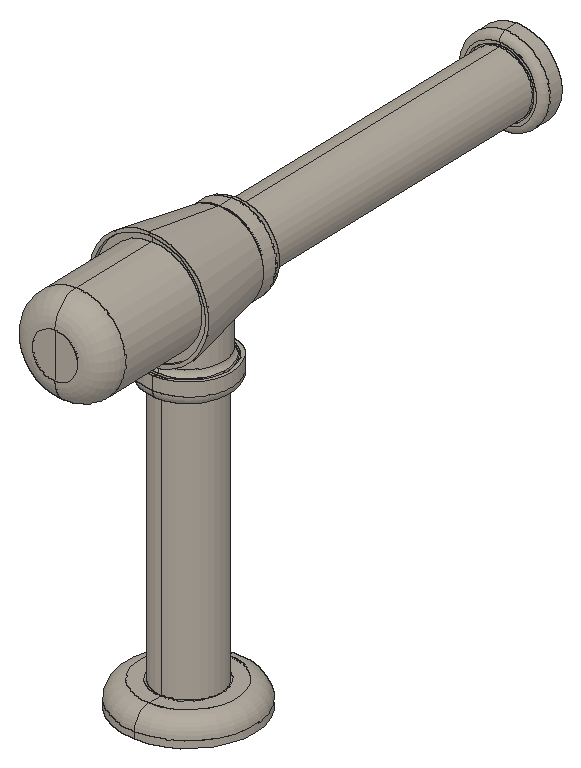
Revit family "Plumbing-Pipes-KOHLER-Complementary -K-16407IN", category Plumbing Fixtures, host Face, Revit 2021 (continued)
Definition of nested family "K-16407IN"
  Automatic sketch dimensions
    curve 119 to plane 11 = 0.05689"
    curve 117 to curve 9 = 0.04921"
    curve 117 to curve 10 = 0.04921"
    curve 9 to curve 139 = 0.09101"
    plane 4 to curve 1 = 0.4169"
    plane 4 to curve 73 = 0.23788"
    plane 4 to curve 93 = 0.08536"
    curve 435 to plane 8 = 0.00024"
    curve 139 to plane 8 = 0.02329"
    curve 16 to curve 17 = 0"  (x2)
    curve 16 to curve 250 = 0"  (x2)
    curve 17 to curve 250 = 0"  (x2)
    curve 17 to curve 251 = 0"  (x2)
    curve 250 to curve 251 = 0"  (x3)
    plane 8 to curve 27 = 0"
    plane 8 to curve 28 = 0"
    curve 250 to plane 3 "Center (Left/Right)" = 0"
    curve 50 to plane 3 "Center (Left/Right)" = 0"
    curve 369 to plane 3 "Center (Left/Right)" = 0"
    curve 28 to plane 7 = 0"
    curve 27 to plane 7 = 0"
    plane 8 to curve 421 = 0.01575"
    curve 420 to curve 421 = 0.03937"
    curve 419 to curve 420 = 0.03937"
    curve 418 to curve 419 = 0.03937"
    curve 417 to curve 418 = 0.03937"
    curve 416 to curve 417 = 0.03937"
    curve 415 to curve 416 = 0.03937"
    plane 15 to curve 414 = 0.00471"
    curve 413 to plane 15 = 0.03466"
    curve 412 to curve 413 = 0.03937"
    curve 434 to curve 412 = 0.02029"
    curve 433 to plane 10 = 0.0212"
    curve 368 to plane 10 = 0.00093"
    curve 422 to plane 8 = 0.02362"
    curve 29 to plane 8 = 0.02362"
    curve 29 to curve 30 = 0.03937"
    curve 422 to curve 423 = 0.03937"
    curve 423 to curve 424 = 0.03937"
    curve 30 to curve 31 = 0.03937"
    curve 31 to curve 15 = 0.00928"
    curve 31 to curve 32 = 0.03937"
    curve 424 to curve 425 = 0.03937"
    curve 16 to plane 8 = 0.17472"
    curve 15 to curve 301 = 0.06308"
    curve 425 to curve 426 = 0.03937"
    curve 32 to curve 33 = 0.03937"
    curve 426 to curve 427 = 0.03937"
    curve 33 to curve 34 = 0.03937"
    curve 34 to curve 14 = 0.00492"
    curve 427 to curve 13 = 0.00492"
    curve 34 to curve 35 = 0.03937"
    curve 427 to curve 428 = 0.03937"
    curve 35 to curve 36 = 0.03937"
    curve 428 to curve 429 = 0.03937"
    curve 36 to curve 37 = 0.03937"
    curve 429 to curve 430 = 0.03937"
    curve 430 to curve 431 = 0.03937"
    curve 37 to curve 38 = 0.03937"
    curve 431 to curve 432 = 0.03937"
    curve 38 to curve 39 = 0.03937"
    curve 39 to curve 40 = 0.03937"
    curve 432 to curve 411 = 0.03937"
    curve 40 to curve 41 = 0.03937"
    curve 411 to curve 410 = 0.03937"
    curve 410 to curve 409 = 0.03937"
    curve 41 to curve 42 = 0.03937"
    curve 409 to curve 408 = 0.03937"
    curve 42 to curve 43 = 0.03937"
    curve 43 to curve 44 = 0.03937"
    curve 408 to curve 407 = 0.03937"
    curve 407 to curve 406 = 0.03937"
    curve 44 to curve 45 = 0.03937"
    curve 45 to curve 46 = 0.03937"
    curve 406 to curve 405 = 0.03937"
    curve 46 to curve 47 = 0.03937"
    curve 405 to curve 404 = 0.03937"
    curve 404 to curve 403 = 0.03937"
    curve 47 to curve 48 = 0.03937"
    curve 403 to curve 402 = 0.03937"
    curve 48 to curve 49 = 0.03937"
    plane 3 "Center (Left/Right)" to curve 71 = 0.03937"
    curve 369 to curve 370 = 0.03937"
    curve 71 to curve 70 = 0.03937"
    curve 370 to curve 371 = 0.03937"
    curve 70 to curve 69 = 0.03937"
    curve 371 to curve 372 = 0.03937"
    curve 372 to curve 373 = 0.03937"
    curve 69 to curve 68 = 0.03937"
    curve 68 to curve 67 = 0.03937"
    curve 373 to curve 374 = 0.03937"
    curve 67 to curve 66 = 0.03937"
    curve 374 to curve 375 = 0.03937"
    curve 66 to curve 65 = 0.03937"
    curve 375 to curve 376 = 0.03937"
    curve 376 to curve 377 = 0.03937"
    curve 65 to curve 64 = 0.03937"
    curve 64 to curve 63 = 0.03937"
    curve 377 to curve 378 = 0.03937"
    curve 63 to curve 62 = 0.03937"
    curve 378 to curve 379 = 0.03937"
    curve 379 to curve 400 = 0.03937"
    curve 62 to curve 61 = 0.03937"
    curve 400 to curve 399 = 0.03937"
    curve 61 to curve 60 = 0.03937"
    curve 399 to curve 398 = 0.03937"
    curve 60 to curve 59 = 0.03937"
    curve 59 to curve 58 = 0.03937"
    curve 398 to curve 397 = 0.03937"
    curve 397 to curve 396 = 0.03937"
    curve 58 to curve 57 = 0.03937"
    curve 57 to curve 14 = 0.03445"
    curve 396 to curve 13 = 0.03445"
    curve 396 to curve 395 = 0.03937"
    curve 57 to curve 56 = 0.03937"
    curve 56 to curve 55 = 0.03937"
    curve 395 to curve 394 = 0.03937"
    curve 301 to plane 7 = 0.17472"
    curve 394 to curve 393 = 0.03937"
    curve 55 to curve 54 = 0.03937"
    curve 54 to curve 15 = 0.03009"
    curve 393 to curve 392 = 0.03937"
    curve 54 to curve 53 = 0.03937"
    curve 392 to curve 391 = 0.03937"
    curve 53 to curve 52 = 0.03937"
    curve 51 to curve 27 = 0.02362"
    curve 390 to plane 7 = 0.02362"
    plane 7 to curve 389 = 0.01575"
    curve 389 to curve 388 = 0.03937"
    curve 388 to curve 387 = 0.03937"
    curve 387 to curve 386 = 0.03937"
    curve 386 to curve 385 = 0.03937"
    curve 385 to curve 384 = 0.03937"
    curve 384 to curve 383 = 0.03937"
    curve 382 to plane 16 = 0.00461"
    plane 16 to curve 381 = 0.03476"
    curve 381 to curve 380 = 0.03937"
    curve 380 to curve 434 = 0.02029"
    curve 401 to plane 9 = 0.0212"
    curve 368 to plane 9 = 0.00093"
    curve 15 to curve 301 = 0.12107"
    curve 27 to curve 15 = 0.07341"
    curve 49 to curve 49 = 0.137"
    curve 14 to curve 34 = 0.20425"
    level to curve 13 = 0.47366"
    level to curve 382 = 0.28966"
    curve 401 to curve 434 = 0.03911"
    curve 433 to curve 434 = 0.03911"
    curve 400 to curve 400 = 0.137"
    curve 253 to plane 12 = 0"
    curve 252 to plane 12 = 0"
    curve 254 to plane 1 "Center (Front/Back)" = 0"
    curve 302 to plane 1 "Center (Front/Back)" = 0"
    curve 252 to plane 11 = 0"
    curve 253 to plane 11 = 0"
    curve 19 to plane 6 = 0"
    curve 26 to plane 1 "Center (Front/Back)" = 0.1189"
    curve 299 to plane 1 "Center (Front/Back)" = 0.12127"
    curve 299 to curve 26 = 0.16747"
    curve 355 to plane 12 = 0.01575"
    curve 356 to curve 355 = 0.03937"
    curve 22 to plane 12 = 0.09395"
    curve 357 to curve 356 = 0.03937"
    curve 358 to curve 357 = 0.03937"
    curve 359 to curve 358 = 0.03937"
    curve 360 to curve 359 = 0.03937"
    curve 361 to curve 360 = 0.03937"
    curve 362 to curve 361 = 0.03937"
    curve 363 to curve 362 = 0.03937"
    curve 364 to curve 363 = 0.03937"
    curve 365 to curve 364 = 0.02813"
    plane 13 to curve 367 = 0.01107"
    plane 13 to curve 436 = 0.00009"
    curve 298 to plane 5 = 0.50579"
    plane 12 to curve 344 = 0.02362"
    curve 253 to curve 296 = 0.02362"
    curve 344 to curve 343 = 0.03937"
    curve 296 to curve 295 = 0.03937"
    curve 295 to curve 294 = 0.03937"
    curve 343 to curve 342 = 0.03937"
    curve 294 to curve 23 = 0.00928"
    curve 342 to curve 341 = 0.03937"
    curve 294 to curve 293 = 0.03937"
    plane 12 to curve 26 = 0.17472"
    curve 23 to curve 300 = 0.06308"
    curve 299 to curve 26 = 0"
    curve 293 to curve 292 = 0.03937"
    curve 341 to curve 340 = 0.03937"
    curve 340 to curve 339 = 0.03937"
    curve 292 to curve 291 = 0.03937"
    curve 291 to curve 24 = 0.00492"
    curve 339 to curve 25 = 0.00492"
    curve 291 to curve 290 = 0.03937"
    curve 339 to curve 338 = 0.03937"
    curve 338 to curve 337 = 0.03937"
    curve 290 to curve 289 = 0.03937"
    curve 337 to curve 336 = 0.03937"
    curve 289 to curve 288 = 0.03937"
    curve 336 to curve 335 = 0.03937"
    curve 288 to curve 287 = 0.03937"
    curve 287 to curve 286 = 0.03937"
    curve 335 to curve 334 = 0.03937"
    curve 334 to curve 333 = 0.03937"
    curve 286 to curve 285 = 0.03937"
    curve 333 to curve 332 = 0.03937"
    curve 285 to curve 284 = 0.03937"
    curve 284 to curve 283 = 0.03937"
    curve 332 to curve 331 = 0.03937"
    curve 331 to curve 330 = 0.03937"
    curve 283 to curve 282 = 0.03937"
    curve 330 to curve 329 = 0.03937"
    curve 282 to curve 281 = 0.03937"
    curve 281 to curve 280 = 0.03937"
    curve 329 to curve 328 = 0.03937"
    curve 280 to curve 279 = 0.03937"
    curve 328 to curve 327 = 0.03937"
    curve 327 to curve 326 = 0.03937"
    curve 279 to curve 278 = 0.03937"
    curve 326 to curve 325 = 0.03937"
    curve 278 to curve 277 = 0.03937"
    plane 1 "Center (Front/Back)" to curve 324 = 0.03937"
    plane 1 "Center (Front/Back)" to curve 276 = 0.03937"
    curve 254 to curve 255 = 0.03937"
    curve 302 to curve 303 = 0.03937"
    curve 255 to curve 256 = 0.03937"
    curve 303 to curve 304 = 0.03937"
    curve 304 to curve 305 = 0.03937"
    curve 257 to curve 26 = 0.00079"
    curve 257 to curve 258 = 0.03937"
    curve 305 to curve 306 = 0.03937"
    curve 258 to curve 259 = 0.03937"
    curve 306 to curve 307 = 0.03937"
    curve 259 to curve 260 = 0.03937"
    curve 307 to curve 308 = 0.03937"
    curve 260 to curve 261 = 0.03937"
    curve 308 to curve 309 = 0.03937"
    curve 309 to curve 310 = 0.03937"
    curve 261 to curve 262 = 0.03937"
    curve 262 to curve 263 = 0.03937"
    curve 310 to curve 311 = 0.03937"
    curve 311 to curve 312 = 0.03937"
    curve 263 to curve 264 = 0.03937"
    curve 264 to curve 265 = 0.03937"
    curve 312 to curve 313 = 0.03937"
    curve 265 to curve 266 = 0.03937"
    curve 313 to curve 314 = 0.03937"
    curve 266 to curve 267 = 0.03937"
    curve 314 to curve 315 = 0.03937"
    curve 315 to curve 316 = 0.03937"
    curve 267 to curve 268 = 0.03937"
    curve 268 to curve 269 = 0.03937"
    curve 316 to curve 317 = 0.03937"
    curve 317 to curve 25 = 0.03445"
    curve 269 to curve 24 = 0.03445"
    curve 269 to curve 270 = 0.03937"
    curve 317 to curve 318 = 0.03937"
    curve 318 to curve 319 = 0.03937"
    curve 270 to curve 271 = 0.03937"
    plane 11 to curve 299 = 0.17472"
    plane 11 to curve 300 = 0.17472"
    curve 26 to curve 299 = 0"
    curve 319 to curve 320 = 0.03937"
    curve 271 to curve 272 = 0.03937"
    curve 26 to curve 21 = 0.05245"
    plane 11 to curve 23 = 0.11165"
    curve 272 to curve 273 = 0.03937"
    curve 320 to curve 321 = 0.03937"
    curve 21 to curve 20 = 0.05726"
    curve 321 to curve 322 = 0.03937"
    curve 273 to curve 274 = 0.03937"
    plane 11 to curve 323 = 0.02362"
    curve 275 to curve 253 = 0.02362"
    curve 345 to plane 11 = 0.01575"
    curve 345 to curve 346 = 0.03937"
    curve 220 to plane 11 = 0.05877"
    curve 346 to curve 347 = 0.03937"
    curve 347 to curve 348 = 0.03937"
    curve 348 to curve 349 = 0.03937"
    curve 349 to curve 350 = 0.03937"
    curve 206 to plane 6 = 0.12512"
    curve 350 to curve 351 = 0.03937"
    curve 351 to curve 352 = 0.03937"
    curve 353 to plane 6 = 0.01967"
    plane 6 to curve 354 = 0.0197"
    curve 354 to curve 365 = 0.02813"
    plane 14 to curve 366 = 0.01824"
    plane 4 to curve 18 = 0.41592"
    plane 4 to curve 187 = 0.23459"
    plane 4 to curve 167 = 0.08348"
    curve 299 to curve 26 = 0.07817"
    curve 300 to curve 299 = 0.07817"
    curve 23 to curve 300 = 0.12107"
    curve 290 to curve 23 = 0.1111"
    curve 253 to curve 252 = 0.13969"
    curve 24 to curve 270 = 0.16387"
    level to curve 25 = 0.47366"
    level to curve 303 = 0.27403"
    curve 366 to curve 365 = 0.03235"
    curve 367 to curve 365 = 0.0554"
    level to curve 337 = 0.13434"
    curve 162 to curve 205 = 0.02439"
    curve 205 to curve 204 = 0.03937"
    curve 249 to curve 248 = 0.03937"
    curve 248 to curve 20 = 0.03007"
    curve 21 to curve 20 = 0"  (x2)
    curve 204 to curve 203 = 0.03937"
    curve 248 to curve 247 = 0.03937"
    curve 247 to curve 246 = 0.03937"
    curve 203 to curve 202 = 0.03937"
    curve 246 to curve 245 = 0.03937"
    curve 202 to curve 201 = 0.03937"
    curve 245 to curve 244 = 0.03937"
    curve 201 to curve 200 = 0.03937"
    curve 244 to curve 19 = 0.00582"
    curve 200 to curve 18 = 0.00582"
    curve 244 to curve 243 = 0.03937"
    curve 200 to curve 199 = 0.03937"
    curve 199 to curve 198 = 0.03937"
    curve 243 to curve 242 = 0.03937"
    curve 242 to curve 241 = 0.03937"
    curve 198 to curve 197 = 0.03937"
    curve 241 to curve 240 = 0.03937"
    curve 197 to curve 196 = 0.03937"
    curve 240 to curve 239 = 0.03937"
    curve 196 to curve 195 = 0.03937"
    curve 239 to curve 238 = 0.03937"
    curve 195 to curve 194 = 0.03937"
    curve 194 to curve 193 = 0.03937"
    curve 238 to curve 237 = 0.03937"
    curve 237 to curve 236 = 0.03937"
    curve 193 to curve 192 = 0.03937"
    curve 192 to curve 191 = 0.03937"
    curve 236 to curve 235 = 0.03937"
    curve 191 to curve 190 = 0.03937"
    curve 235 to curve 234 = 0.03937"
    curve 234 to curve 233 = 0.03937"
    curve 190 to curve 189 = 0.03937"
    curve 189 to curve 188 = 0.03937"
    curve 233 to curve 232 = 0.03937"
    curve 188 to curve 187 = 0.03937"
    curve 232 to curve 231 = 0.03937"
    curve 187 to curve 186 = 0.03937"
    curve 231 to curve 230 = 0.03937"
    curve 207 to curve 208 = 0.03937"
    curve 208 to curve 209 = 0.03937"
    curve 164 to curve 165 = 0.03937"
    curve 209 to curve 210 = 0.03937"
    curve 165 to curve 166 = 0.03937"
    curve 166 to curve 167 = 0.03937"
    curve 210 to curve 211 = 0.03937"
    curve 167 to curve 168 = 0.03937"
    curve 211 to curve 212 = 0.03937"
    curve 168 to curve 169 = 0.03937"
    curve 212 to curve 213 = 0.03937"
    curve 169 to curve 170 = 0.03937"
    curve 213 to curve 214 = 0.03937"
    curve 170 to curve 171 = 0.03937"
    curve 214 to curve 215 = 0.03937"
    curve 171 to curve 172 = 0.03937"
    curve 215 to curve 216 = 0.03937"
    curve 216 to curve 217 = 0.03937"
    curve 172 to curve 173 = 0.03937"
    curve 217 to curve 218 = 0.03937"
    curve 173 to curve 174 = 0.03937"
    curve 218 to curve 219 = 0.03937"
    curve 174 to curve 175 = 0.03937"
    curve 175 to curve 176 = 0.03937"
    curve 219 to curve 220 = 0.03937"
    curve 220 to curve 221 = 0.03937"
    curve 176 to curve 177 = 0.03937"
    curve 177 to curve 178 = 0.03937"
    curve 221 to curve 222 = 0.03937"
    curve 222 to curve 19 = 0.03355"
    curve 178 to curve 18 = 0.03355"
    curve 222 to curve 223 = 0.03937"
    curve 178 to curve 179 = 0.03937"
    curve 179 to curve 180 = 0.03937"
    curve 223 to curve 224 = 0.03937"
    curve 224 to curve 225 = 0.03937"
    curve 180 to curve 181 = 0.03937"
    curve 225 to curve 226 = 0.03937"
    curve 181 to curve 182 = 0.03937"
    curve 226 to curve 20 = 0.0093"
    curve 226 to curve 227 = 0.03937"
    curve 182 to curve 183 = 0.03937"
    curve 183 to curve 184 = 0.03937"
    curve 227 to curve 228 = 0.03937"
    curve 228 to curve 206 = 0.02083"
    curve 184 to curve 162 = 0.02439"
    curve 184 to curve 161 = 0.02439"
    plane 14 to curve 436 = 0.00009"
    curve 206 to curve 249 = 0.02083"
    curve 228 to curve 437 = 0.0238"
    Masking region 3 sketch curve to plane 5 = 0"
    Masking region 3 sketch curve to level = 0"
    Masking region 3 sketch curve to plane 13 = 0"
    Masking region 3 sketch curve to plane 12 = 0"
    Masking region 3 sketch curve to plane 1 "Center (Front/Back)" = 0"
    Masking region 3 sketch curve to plane 11 = 0"
    Masking region 3 sketch curve to plane 6 = 0"  (x2)
    Masking region 3 sketch curve to plane 14 = 0"
    Masking region 3 sketch curve to plane 5 = 0.50579"
    Masking region 3 sketch curve to plane 12 = 0.09395"  (x2)
    Masking region 3 sketch curve to plane 12 = 0.08791"
    plane 12 to Masking region 3 sketch curve = 0.02699"
    plane 12 to Masking region 3 sketch curve = 0.09264"
    plane 12 to Masking region 3 sketch curve = 0.11165"
    Masking region 3 sketch curve to Masking region 3 sketch curve = 0.06308"
    Masking region 3 sketch curve to Masking region 3 sketch curve = 0.18044"  (x2)
    plane 11 to Masking region 3 sketch curve = 0.17472"
    Masking region 3 sketch curve to Masking region 3 sketch curve = 0.05245"
    plane 11 to Masking region 3 sketch curve = 0.12227"
    Masking region 3 sketch curve to Masking region 3 sketch curve = 0.11165"
    plane 11 to Masking region 3 sketch curve = 0.09264"
    Masking region 3 sketch curve to Masking region 3 sketch curve = 0.05726"  (x2)
    plane 11 to Masking region 3 sketch curve = 0.02699"
    Masking region 3 sketch curve to plane 11 = 0.08791"
    Masking region 3 sketch curve to plane 6 = 0.15729"  (x2)
    plane 4 to Masking region 3 sketch curve = 0.41592"  (x2)
    Masking region 3 sketch curve to Masking region 3 sketch curve = 0.159"  (x2)
    level to Masking region 3 sketch curve = 0.13244"  (x2)
    Masking region 3 sketch curve to Masking region 3 sketch curve = 0.25702"  (x2)
    Masking region 3 sketch curve to Masking region 3 sketch curve = 0.10896"
    Masking region 3 sketch curve to Masking region 3 sketch curve = 0.00925"
    Masking region 3 sketch curve to Masking region 3 sketch curve = 0.00116"  (x2)
    Masking region 3 sketch curve to Masking region 3 sketch curve = 0.09324"  (x2)
    Masking region 3 sketch curve to Masking region 3 sketch curve = 0.09724"
    Masking region 3 sketch curve to Masking region 3 sketch curve = 0.09788"
    Masking region 3 sketch curve to Masking region 3 sketch curve = 0.1286"  (x2)
    Masking region 3 sketch curve to Masking region 3 sketch curve = 0.04844"
    Masking region 3 sketch curve to Masking region 3 sketch curve = 0.05115"
    Masking region 3 sketch curve to Masking region 3 sketch curve = 0.12982"
    Masking region 3 sketch curve to Masking region 3 sketch curve = 0.13276"  (x2)
    Masking region 3 sketch curve to plane 17 = 1.79134"  (x2)
    Revolve 1 sketch curve to level = 0"
    Revolve 1 sketch curve to plane 1 "Center (Front/Back)" = 0"  (x2)
    Revolve 1 sketch curve to plane 11 = 0"
    Revolve 1 sketch curve to plane 14 = 0"
    plane 11 to Revolve 1 sketch curve = 0.18885"
    Revolve 1 sketch curve to Revolve 1 sketch curve = 0.03839"
    Revolve 1 sketch curve to Revolve 1 sketch curve = 0.00841"
    plane 11 to Revolve 1 sketch curve = 0.17472"
    Revolve 1 sketch curve to Revolve 1 sketch curve = 0.0315"
    Revolve 1 sketch curve to Revolve 1 sketch curve = 0.11165"
    Revolve 1 sketch curve to Revolve 1 sketch curve = 0.05023"
    Revolve 1 sketch curve to Revolve 1 sketch curve = 0.03098"
    Revolve 1 sketch curve to Revolve 1 sketch curve = 0.02006"
    plane 11 to Revolve 1 sketch curve = 0.02699"
    Revolve 1 sketch curve to plane 11 = 0.08791"
    Revolve 1 sketch curve to Revolve 1 sketch curve = 0.13244"
    Revolve 1 sketch curve to Revolve 1 sketch curve = 0.04006"
    Revolve 1 sketch curve to plane 17 = 0"
    Revolve 1 sketch curve to Revolve 1 sketch curve = 0"
    Revolve 1 sketch curve to Revolve 1 sketch curve = 0.04995"
    Revolve 1 sketch curve to Revolve 1 sketch curve = 0.00123"
    Revolve 1 sketch curve to Revolve 1 sketch curve = 0.10769"
    Revolve 1 sketch curve to Revolve 1 sketch curve = 0.22523"
    Revolve 1 sketch curve to Revolve 1 sketch curve = 0.0318"  (x2)
    Revolve 1 sketch curve to Revolve 1 sketch curve = 0.03654"
    Revolve 1 sketch curve to Revolve 1 sketch curve = 1.79134"
    Revolve 1 sketch curve to Revolve 1 sketch curve = 0.3937"  (x2)
    curve 163 to plane 17 = 0"
    curve 207 to plane 17 = 0"
    curve 299 to plane 17 = 1.82191"
    curve 299 to curve 24 = 0.03057"
    curve 26 to curve 22 = 0.15438"
    curve 298 to plane 17 = 0.94488"
    curve 161 to curve 163 = 0.85116"
    curve 162 to curve 161 = 0"
    curve 26 to curve 437 = 0.01041"
    curve 437 to curve 206 = 0.00298"
    curve 185 to curve 163 = 0.03937"
    curve 229 to curve 207 = 0.03937"
    plane 17 to curve 164 = 0.03937"
    plane 17 to curve 298 = 0.94488"
    plane 17 to curve 22 = 0.94488"
    curve 16 to curve 251 = 0"
    plane 17 to curve 251 = 0"
    curve 16 to plane 7 = 0.17472"
    curve 14 to curve 16 = 1.79134"
    curve 301 to curve 16 = 0.32919"
    Masking region 3 sketch curve to plane 17 = 0"  (x2)
    Masking region 3 sketch curve to Masking region 3 sketch curve = 0.50579"
    Masking region 3 sketch curve to Masking region 3 sketch curve = 0.15634"
    Masking region 3 sketch curve to Masking region 3 sketch curve = 0.19685"
    Masking region 3 sketch curve to plane 17 = 0.94488"
    Masking region 3 sketch curve to Masking region 3 sketch curve = 0.19777"
    Masking region 3 sketch curve to Masking region 3 sketch curve = 0.22706"
    plane 17 to Masking region 3 sketch curve = 0.43909"
    plane 17 to Masking region 3 sketch curve = 0.6241"
    Masking region 3 sketch curve to Masking region 3 sketch curve = 0.20176"
    plane 17 to Revolve 3 sketch curve = 0.0191"
    Revolve 3 sketch curve to Revolve 3 sketch curve = 2.77618"
    Revolve 3 sketch curve to Revolve 3 sketch curve = 5.53208"
    Extrusion 6 sketch curve to plane 17 = 0"
    Revolve 7 sketch curve to plane 17 = 0"  (x2)
    plane 17 to Revolve 7 sketch curve = 0.70866"
    Revolve 4 sketch curve to plane 5 = 0"
    Revolve 4 sketch curve to plane 6 = 0"
    Revolve 4 sketch curve to plane 17 = 0"  (x2)
    Revolve 4 sketch curve to plane 4 = 0"
    Revolve 4 sketch curve to plane 5 = 0.3937"
    plane 4 to Revolve 4 sketch curve = 0.41592"  (x2)
    plane 17 to Revolve 4 sketch curve = 0.6241"
    Revolve 4 sketch curve to Revolve 4 sketch curve = 0.22706"
    plane 17 to Revolve 4 sketch curve = 0.75294"
    Revolve 4 sketch curve to plane 4 = 0.76518"
    Masking region 2 sketch curve to level = 0"
    plane 10 to Masking region 2 sketch curve = 0"
    plane 8 to Masking region 2 sketch curve = 0"
    Masking region 2 sketch curve to plane 3 "Center (Left/Right)" = 0"  (x2)
    Masking region 2 sketch curve to plane 7 = 0"
    Masking region 2 sketch curve to plane 9 = 0"
    plane 8 to Masking region 2 sketch curve = 0.08791"
    Masking region 2 sketch curve to plane 8 = 0.02699"
    Masking region 2 sketch curve to plane 8 = 0.09264"
    Masking region 2 sketch curve to Masking region 2 sketch curve = 0.11165"  (x2)
    Masking region 2 sketch curve to plane 8 = 0.17472"
    Masking region 2 sketch curve to Masking region 2 sketch curve = 0.08781"
    Masking region 2 sketch curve to Masking region 2 sketch curve = 0.18044"
    Masking region 2 sketch curve to plane 7 = 0.17472"
    Masking region 2 sketch curve to plane 7 = 0.09264"
    Masking region 2 sketch curve to plane 7 = 0.02699"
    plane 7 to Masking region 2 sketch curve = 0.08791"
    Masking region 2 sketch curve to Masking region 2 sketch curve = 0.13244"
    level to Masking region 2 sketch curve = 0.13244"
    Masking region 2 sketch curve to Masking region 2 sketch curve = 0.25702"  (x2)
    Masking region 2 sketch curve to Masking region 2 sketch curve = 0.32919"
    Masking region 2 sketch curve to Masking region 2 sketch curve = 0.92642"
    Masking region 2 sketch curve to Masking region 2 sketch curve = 0.13276"  (x2)
    Masking region 2 sketch curve to plane 21 = 0.6447"
    Masking region 2 sketch curve to Masking region 2 sketch curve = 0"
    Revolve 2 sketch curve to plane 5 = 0"
    Revolve 2 sketch curve to plane 22 = 0"
    Revolve 2 sketch curve to plane 20 = 0"
    Revolve 2 sketch curve to plane 6 = 0"
    Revolve 2 sketch curve to plane 17 = 0"  (x2)
    Revolve 2 sketch curve to plane 18 = 0"
    Revolve 2 sketch curve to plane 4 = 0"
    Revolve 2 sketch curve to plane 18 = 0.41207"
    Revolve 2 sketch curve to plane 12 = 0.09395"
    Revolve 2 sketch curve to plane 12 = 0.02147"
    plane 18 to Revolve 2 sketch curve = 0.00058"
    plane 11 to Revolve 2 sketch curve = 0.12227"
    Revolve 2 sketch curve to plane 18 = 0.00058"
    Revolve 2 sketch curve to Revolve 2 sketch curve = 0.02035"
    plane 11 to Revolve 2 sketch curve = 0.06839"
    Revolve 2 sketch curve to plane 6 = 0.15729"
    Revolve 2 sketch curve to Revolve 2 sketch curve = 0.0749"
    Revolve 2 sketch curve to plane 6 = 0.06611"
    plane 4 to Revolve 2 sketch curve = 0.41592"
    Revolve 2 sketch curve to Revolve 2 sketch curve = 0"
    Revolve 2 sketch curve to Revolve 2 sketch curve = 0.03933"
    Revolve 2 sketch curve to Revolve 2 sketch curve = 0.09995"
    Revolve 2 sketch curve to plane 18 = 0.22706"
    Revolve 2 sketch curve to Revolve 2 sketch curve = 0.03108"
    Revolve 2 sketch curve to Revolve 2 sketch curve = 0.03543"
    Revolve 2 sketch curve to Revolve 2 sketch curve = 0.02007"
    Revolve 2 sketch curve to Revolve 2 sketch curve = 0.04757"
    Revolve 2 sketch curve to Revolve 2 sketch curve = 0.03262"
    Revolve 2 sketch curve to plane 18 = 0.09383"
    Revolve 2 sketch curve to Revolve 2 sketch curve = 0.03206"
    Revolve 2 sketch curve to plane 20 = 0.06307"
    plane 4 to Revolve 2 sketch curve = 0.28508"
    Revolve 2 sketch curve to Revolve 2 sketch curve = 0.30547"
    radius of Extrusion 5 sketch curve = 0.19685"
    radius of Extrusion 6 sketch curve = 0.59055"
    radius of curve 17 = 0.94488"
    radius of curve 250 = 0.85118"
    radius of curve 251 = 0.48773"
Types (5): name | Type | Product Page URL | Model | Finish
  (no name) | 3 | "" | "K-16407IN-BV" | Kohler-Metal-BV-Brushed_Bronze
  AF-Vibrant French Gold | 1 | "" | "K-16407IN-AF" | Kohler-Metal-AF-Vibrant_French_Gold
  BN-Vibrant Brushed Nickel | 2 | "" | "K-16407IN-BN" | Kohler-Metal-BN-Vibrant_Brushed_Nickel
  BV-Brushed Bronze | 3 | "" | "K-16407IN-BV" | Kohler-Metal-BV-Brushed_Bronze
  CP-Polished Chrome | 4 | "https://www.kohler.co.in/product-detail/16407in?skuid=K-16407IN-CP" | "K-16407IN-CP" | Kohler-Metal-CP-Polished_Chrome
